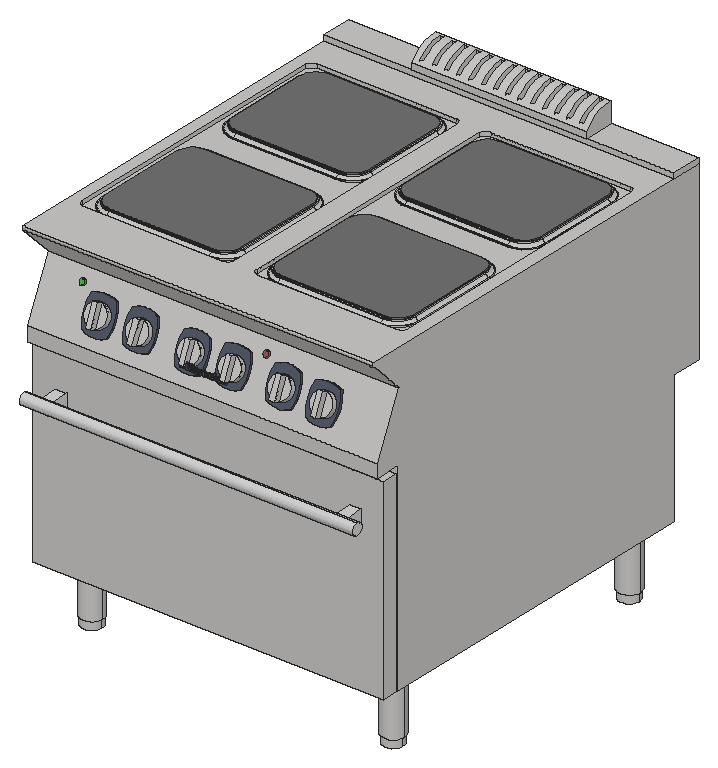
Revit family "QF_ELECTROLUXPROFESSIONAL_391041_E9ECEH4QE0", category Specialty Equipment, Revit 2018
Family settings
  Round Connector Dimension = Use Diameter
  Part Type = Normal
  Work Plane-Based = No
  Always vertical = Yes
  Cut with Voids When Loaded = No
  Shared = No
  Room Calculation Point = No
Parameters
  Width = 800 mm  # constant formula
  Weight in Pounds = 145  # constant formula
  Watts = 22000 VA  # 22000 W
  Volts = 400 V  # constant formula
  URL Cutsheet = "www.electrolux.com/foodservice"
  URL = "www.electrolux.com/foodservice"
  Type Mark [instance] = ""
  Status [instance] = ""
  Specification by User [instance] = ""
  Specification by Manufacturer = ""
  Show Logo [instance] = yes
  Show Clearance [instance] = yes
  Serial Number = ""
  Seismic Rating = ""
  SMACNA No = ""
  Revision Code [instance] = ""
  Phase = 3  # constant formula
  Omniclass Number and Title = ""
  Number of Poles [instance] = 1
  NAFEM Spec ID Number = ""
  Model = "391041"
  Min Ckt Ampacity = 0 A
  Max Overcurrent Protection = 0 A
  Masterspec = ""
  Manufacturer = "ELECTROLUX"
  Item Number [instance] = ""
  Installed By [instance] = ""
  Identify Quantity as Lot [instance] = yes
  Height = 909 mm  # constant formula
  HP = "29.5 HP"
  Furnished By [instance] = ""
  Foodservice Equipment Identifier [instance] = yes
  FL Amps = if(Phase = 3, Watts / (Volts * 1.73), Watts / Volts)  # 31.7919 A
  Electrical Remarks [instance] = "400 V/3N ph/50/60 Hz"  # constant formula
  Electric Connection Type [instance] = ""
  Elec Conn RI Height [instance] = 967 mm
  Elec Conn Connection Height [instance] = 0 mm
  Direct Waste Size = 0"
  Description = "900XP 4 ELECTRIC HOT PLATE 4kW ON ELECTRIC OVEN 400V"
  Depth = 930 mm  # constant formula
  Cycle = if([60 Hertz Option], 60 Hz, 50 Hz)  # 60 Hz
  Conn Plug = ""
  Conn Conduit = yes
  CSI MasterFormat = ""
  CSI Master Format = ""
  Base Height [instance] = 150 mm  # constant formula
  Apparent Power = if(Phase = 3, Volts * FL Amps * 1.73, Volts * FL Amps)  # 22000 VA
  60 Hertz Option = not([50 Hertz Option])  # yes
  50 Hertz Option = no
Reference planes
  plane 1 "BACK": y = 0
  plane 2: z = 0
  plane 3 "LEFT": x = 0
  plane 4 "RIGHT": x = 800
  plane 5 "FRONT": y = -930
  plane 6 "TOP": z = 851
  plane 7 "Center Y": x = 400
  plane 8 "Center X": y = -465
  plane 9 "BASE": z = 150
  plane 10: y = -802
  plane 11: y = -915
  plane 12: y = -128
  plane 13: y = -609
  plane 14: y = -583
  plane 15: x = 56
  plane 16: x = 744
  plane 17: z = 909
  plane 18: y = -1309
Forms (mm)
  Extrusion 1, solid, material "QF_Finishes_Stainless Steel"
    sketch origin (0, 0, 0) x (0, 1, 0) y (0, 0, 1)
      loop
        line (0, 851) -> (-928.041, 851)
        arc (-928.041, 851) -> (-929.999, 846.526) -> (-928.201, 841.985) r 6.35
        line (-928.201, 841.985) -> (-856.039, 767.809) -> (-915, 639.041) -> (-915, 606.789) -> (-859.023, 612.7) -> (-859.023, 150) -> (-71, 150) -> (-71, 450) -> (0, 450) -> (0, 851)
    from 0 to 800
  Extrusion 2, void
    sketch origin (0, -198.623, 849.237) x (-1, 0, 0) y (0, -1, 0)
      loop
        arc (-42.5, -55.089) -> (-31.893, -50.696) -> (-27.5, -40.089) r 15
        line (-27.5, -40.089) -> (-27.5, 595.262)
        arc (-27.5, 595.262) -> (-31.893, 605.868) -> (-42.5, 610.262) r 15
        line (-42.5, 610.262) -> (-359.751, 610.262)
        arc (-359.751, 610.262) -> (-370.358, 605.868) -> (-374.751, 595.262) r 15
        line (-374.751, 595.262) -> (-374.751, -40.089)
        arc (-374.751, -40.089) -> (-370.358, -50.696) -> (-359.751, -55.089) r 15
        line (-359.751, -55.089) -> (-42.5, -55.089)
      loop
        line (-757.5, -55.089) -> (-440.249, -55.089)
        arc (-440.249, -55.089) -> (-429.642, -50.696) -> (-425.249, -40.089) r 15
        line (-425.249, -40.089) -> (-425.249, 595.262)
        arc (-425.249, 595.262) -> (-429.642, 605.868) -> (-440.249, 610.262) r 15
        line (-440.249, 610.262) -> (-757.5, 610.262)
        arc (-757.5, 610.262) -> (-768.107, 605.868) -> (-772.5, 595.262) r 15
        line (-772.5, 595.262) -> (-772.5, -40.089)
        arc (-772.5, -40.089) -> (-768.107, -50.696) -> (-757.5, -55.089) r 15
    from 1.763 to -6.35
  Extrusion 3, solid, material "QF_Clearances", visible <- "Show Clearance", detail levels coarse
    sketch origin (0, -198.623, 634) x (1, 0, 0) y (0, 1, 0)
      loop
        line (0, -731.377) -> (0, 198.623) -> (800, 198.623) -> (800, -731.377) -> (900.019, -731.377) -> (900.019, 298.642) -> (-100.019, 298.642) -> (-100.019, -731.377) -> (0, -731.377)
    from -634 to 275
  Extrusion 4, solid, material "QF_Finishes_Stainless Steel"
    sketch origin (0, -198.623, 842.887) x (-1, 0, 0) y (0, -1, 0)
      loop
        arc (-86.725, 312.377) -> (-58.441, 324.092) -> (-46.725, 352.377) r 40
        line (-46.725, 352.377) -> (-46.725, 553.377)
        arc (-46.725, 553.377) -> (-58.441, 581.661) -> (-86.725, 593.377) r 40
        line (-86.725, 593.377) -> (-321.725, 593.377)
        arc (-321.725, 593.377) -> (-350.009, 581.661) -> (-361.725, 553.377) r 40
        line (-361.725, 553.377) -> (-361.725, 352.377)
        arc (-361.725, 352.377) -> (-350.009, 324.092) -> (-321.725, 312.377) r 40
        line (-321.725, 312.377) -> (-86.725, 312.377)
      loop
        line (-86.725, 230.796) -> (-321.725, 230.796)
        arc (-321.725, 230.796) -> (-350.009, 219.08) -> (-361.725, 190.796) r 40
        line (-361.725, 190.796) -> (-361.725, 1.796)
        arc (-361.725, 1.796) -> (-350.009, -26.488) -> (-321.725, -38.204) r 40
        line (-321.725, -38.204) -> (-86.725, -38.204)
        arc (-86.725, -38.204) -> (-58.441, -26.488) -> (-46.725, 1.796) r 40
        line (-46.725, 1.796) -> (-46.725, 190.796)
        arc (-46.725, 190.796) -> (-58.441, 219.08) -> (-86.725, 230.796) r 40
      loop
        line (-713.275, 312.377) -> (-478.275, 312.377)
        arc (-478.275, 312.377) -> (-449.991, 324.092) -> (-438.275, 352.377) r 40
        line (-438.275, 352.377) -> (-438.275, 553.377)
        arc (-438.275, 553.377) -> (-449.991, 581.661) -> (-478.275, 593.377) r 40
        line (-478.275, 593.377) -> (-713.275, 593.377)
        arc (-713.275, 593.377) -> (-741.559, 581.661) -> (-753.275, 553.377) r 40
        line (-753.275, 553.377) -> (-753.275, 352.377)
        arc (-753.275, 352.377) -> (-741.559, 324.092) -> (-713.275, 312.377) r 40
      loop
        arc (-713.275, 230.796) -> (-741.559, 219.08) -> (-753.275, 190.796) r 40
        line (-753.275, 190.796) -> (-753.275, 1.796)
        arc (-753.275, 1.796) -> (-741.559, -26.488) -> (-713.275, -38.204) r 40
        line (-713.275, -38.204) -> (-478.275, -38.204)
        arc (-478.275, -38.204) -> (-449.991, -26.488) -> (-438.275, 1.796) r 40
        line (-438.275, 1.796) -> (-438.275, 190.796)
        arc (-438.275, 190.796) -> (-449.991, 219.08) -> (-478.275, 230.796) r 40
        line (-478.275, 230.796) -> (-713.275, 230.796)
    from 0 to 10
  Sweep 5, solid, material "QF_Finishes_Stainless Steel"
    path origin (0, -198.623, 852.887) x (-1, 0, 0) y (0, -1, 0)
      loop
        line (-46.725, 352.377) -> (-46.725, 553.377)
        arc (-46.725, 553.377) -> (-58.441, 581.661) -> (-86.725, 593.377) r 40
        line (-86.725, 593.377) -> (-321.725, 593.377)
        arc (-321.725, 593.377) -> (-350.009, 581.661) -> (-361.725, 553.377) r 40
        line (-361.725, 553.377) -> (-361.725, 352.377)
        arc (-361.725, 352.377) -> (-350.009, 324.092) -> (-321.725, 312.377) r 40
        line (-321.725, 312.377) -> (-86.725, 312.377)
        arc (-86.725, 312.377) -> (-58.441, 324.092) -> (-46.725, 352.377) r 40
    profile origin (46.725, -651.5, 852.887) x (1, 0, 0) y (0, 0, 1)
      loop
        arc (0, -1.759) -> (-2.638, -5.472) -> (-6.35, -8.109) r 13.651
        line (-6.35, -8.109) -> (-8.064, -8.109) -> (-8.064, -10) -> (0, -10) -> (0, -1.759)
  Sweep 6, solid, material "QF_Finishes_Stainless Steel"
    path origin (0, 151.957, 852.887) x (-1, 0, 0) y (0, -1, 0)
      loop
        line (-46.725, 352.377) -> (-46.725, 541.377)
        arc (-46.725, 541.377) -> (-58.441, 569.661) -> (-86.725, 581.377) r 40
        line (-86.725, 581.377) -> (-321.725, 581.377)
        arc (-321.725, 581.377) -> (-350.009, 569.661) -> (-361.725, 541.377) r 40
        line (-361.725, 541.377) -> (-361.725, 352.377)
        arc (-361.725, 352.377) -> (-350.009, 324.092) -> (-321.725, 312.377) r 40
        line (-321.725, 312.377) -> (-86.725, 312.377)
        arc (-86.725, 312.377) -> (-58.441, 324.092) -> (-46.725, 352.377) r 40
    profile origin (46.725, -294.919, 852.887) x (1, 0, 0) y (0, 0, 1)
      loop
        arc (0, -1.759) -> (-2.638, -5.472) -> (-6.35, -8.109) r 13.651
        line (-6.35, -8.109) -> (-8.064, -8.109) -> (-8.064, -10) -> (0, -10) -> (0, -1.759)
  Extrusion 7, solid, material "QF_Finishes_Rubber Black"
    sketch origin (0, -198.623, 852.887) x (-1, 0, 0) y (0, -1, 0)
      loop
        arc (-49.725, 190.796) -> (-60.562, 216.959) -> (-86.725, 227.796) r 37
        line (-86.725, 227.796) -> (-321.725, 227.796)
        arc (-321.725, 227.796) -> (-347.888, 216.959) -> (-358.725, 190.796) r 37
        line (-358.725, 190.796) -> (-358.725, 1.796)
        arc (-358.725, 1.796) -> (-347.888, -24.367) -> (-321.725, -35.204) r 37
        line (-321.725, -35.204) -> (-86.725, -35.204)
        arc (-86.725, -35.204) -> (-60.562, -24.367) -> (-49.725, 1.796) r 37
        line (-49.725, 1.796) -> (-49.725, 190.796)
      loop
        arc (-86.725, 315.377) -> (-60.562, 326.214) -> (-49.725, 352.377) r 37
        line (-49.725, 352.377) -> (-49.725, 553.377)
        arc (-49.725, 553.377) -> (-60.562, 579.54) -> (-86.725, 590.377) r 37
        line (-86.725, 590.377) -> (-321.725, 590.377)
        arc (-321.725, 590.377) -> (-347.888, 579.54) -> (-358.725, 553.377) r 37
        line (-358.725, 553.377) -> (-358.725, 352.377)
        arc (-358.725, 352.377) -> (-347.888, 326.214) -> (-321.725, 315.377) r 37
        line (-321.725, 315.377) -> (-86.725, 315.377)
      loop
        line (-750.275, 190.796) -> (-750.275, 1.796)
        arc (-750.275, 1.796) -> (-739.438, -24.367) -> (-713.275, -35.204) r 37
        line (-713.275, -35.204) -> (-478.275, -35.204)
        arc (-478.275, -35.204) -> (-452.112, -24.367) -> (-441.275, 1.796) r 37
        line (-441.275, 1.796) -> (-441.275, 190.796)
        arc (-441.275, 190.796) -> (-452.112, 216.959) -> (-478.275, 227.796) r 37
        line (-478.275, 227.796) -> (-713.275, 227.796)
        arc (-713.275, 227.796) -> (-739.438, 216.959) -> (-750.275, 190.796) r 37
      loop
        line (-713.275, 315.377) -> (-478.275, 315.377)
        arc (-478.275, 315.377) -> (-452.112, 326.214) -> (-441.275, 352.377) r 37
        line (-441.275, 352.377) -> (-441.275, 553.377)
        arc (-441.275, 553.377) -> (-452.112, 579.54) -> (-478.275, 590.377) r 37
        line (-478.275, 590.377) -> (-713.275, 590.377)
        arc (-713.275, 590.377) -> (-739.438, 579.54) -> (-750.275, 553.377) r 37
        line (-750.275, 553.377) -> (-750.275, 352.377)
        arc (-750.275, 352.377) -> (-739.438, 326.214) -> (-713.275, 315.377) r 37
    from 0 to 2
  Extrusion 8, solid, material "QF_Finishes_Green"
    sketch origin (8.75, -915, 639.041) x (0, 0.416318, 0.909219) y (-1, 0, 0)
      loop
        circle (111.946, -80.648) r 6.35
    from 0 to 3.175
  Extrusion 9, solid, material "QF_Finishes_Stainless Steel"
    sketch origin (-24.783, -926.544, 650) x (0, 0.421077, 0.907025) y (-1, 0, 0)
      loop
        line (85.433, -162.517) -> (35.969, -162.517)
        arc (35.969, -162.517) -> (35.301, -168.303) -> (35.969, -174.089) r 25.4
        line (35.969, -174.089) -> (85.433, -174.089)
        arc (85.433, -174.089) -> (86.101, -168.303) -> (85.433, -162.517) r 25.4
      loop
        line (85.433, -257.517) -> (35.969, -257.517)
        arc (35.969, -257.517) -> (35.301, -263.303) -> (35.969, -269.089) r 25.4
        line (35.969, -269.089) -> (85.433, -269.089)
        arc (85.433, -269.089) -> (86.101, -263.303) -> (85.433, -257.517) r 25.4
      loop
        line (85.433, -375.017) -> (35.969, -375.017)
        arc (35.969, -375.017) -> (35.301, -380.803) -> (35.969, -386.589) r 25.4
        line (35.969, -386.589) -> (85.433, -386.589)
        arc (85.433, -386.589) -> (86.101, -380.803) -> (85.433, -375.017) r 25.4
      loop
        line (85.433, -468.767) -> (35.969, -468.767)
        arc (35.969, -468.767) -> (35.301, -474.553) -> (35.969, -480.339) r 25.4
        line (35.969, -480.339) -> (85.433, -480.339)
        arc (85.433, -480.339) -> (86.101, -474.553) -> (85.433, -468.767) r 25.4
      loop
        line (85.433, -582.517) -> (35.969, -582.517)
        arc (35.969, -582.517) -> (35.301, -588.303) -> (35.969, -594.089) r 25.4
        line (35.969, -594.089) -> (85.433, -594.089)
        arc (85.433, -594.089) -> (86.101, -588.303) -> (85.433, -582.517) r 25.4
      loop
        line (85.433, -677.517) -> (35.969, -677.517)
        arc (35.969, -677.517) -> (35.301, -683.303) -> (35.969, -689.089) r 25.4
        line (35.969, -689.089) -> (85.433, -689.089)
        arc (85.433, -689.089) -> (86.101, -683.303) -> (85.433, -677.517) r 25.4
    from 0 to 12.7
  Extrusion 10, solid, material "QF_Finishes_Stainless Steel"
    sketch origin (417.5, -915.025, 642.777) x (0, 0.421077, 0.907025) y (-1, 0, 0)
      loop
        circle (62.576, 274.037) r 25.4
      loop
        circle (62.576, 179.037) r 25.4
      loop
        circle (62.576, 61.537) r 25.4
      loop
        circle (62.576, -32.213) r 25.4
      loop
        circle (62.576, -145.963) r 25.4
      loop
        circle (62.576, -240.963) r 25.4
    from 0 to 12.7
  Extrusion 11, solid, material "QF_Finishes_Stainless Steel"
    sketch origin (0, -117, 150) x (-1, 0, 0) y (0, 1, 0)
      loop
        circle (-753, -596) r 12.7
    from 0 to 12.7
  Extrusion 12, solid, material "QF_Finishes_Stainless Steel"
    sketch origin (0, -117, 150) x (-1, 0, 0) y (0, 1, 0)
      loop
        circle (-757, -459) r 12.7
    from 0 to 12.7
  Extrusion 13, solid, material "QF_Finishes_Navy Blue - Electrolux"
    sketch origin (0, -915, 639.041) x (0, 0.416318, 0.909219) y (-1, 0, 0)
      loop
        arc (103.364, -265.26) -> (110.078, -236.685) -> (103.364, -208.11) r 64.16
        arc (103.364, -208.11) -> (68.487, -201.089) -> (33.619, -208.154) r 89.853
        arc (33.619, -208.154) -> (26.924, -236.685) -> (33.619, -265.215) r 64.14
        arc (33.619, -265.215) -> (68.487, -272.277) -> (103.364, -265.26) r 89.894
      loop
        arc (100.864, -172.403) -> (107.578, -143.828) -> (100.864, -115.253) r 64.16
        arc (100.864, -115.253) -> (65.987, -108.232) -> (31.119, -115.297) r 89.853
        arc (31.119, -115.297) -> (24.424, -143.828) -> (31.119, -172.359) r 64.14
        arc (31.119, -172.359) -> (65.987, -179.42) -> (100.864, -172.403) r 89.894
      loop
        arc (103.364, -534.74) -> (68.487, -527.723) -> (33.619, -534.785) r 89.894
        arc (33.619, -534.785) -> (26.924, -563.315) -> (33.619, -591.846) r 64.14
        arc (33.619, -591.846) -> (68.487, -598.911) -> (103.364, -591.89) r 89.853
        arc (103.364, -591.89) -> (110.078, -563.315) -> (103.364, -534.74) r 64.16
      loop
        arc (100.864, -627.597) -> (65.987, -620.58) -> (31.119, -627.641) r 89.894
        arc (31.119, -627.641) -> (24.424, -656.172) -> (31.119, -684.703) r 64.14
        arc (31.119, -684.703) -> (65.987, -691.768) -> (100.864, -684.747) r 89.853
        arc (100.864, -684.747) -> (107.578, -656.172) -> (100.864, -627.597) r 64.16
      loop
        arc (103.364, -477.479) -> (110.078, -448.904) -> (103.364, -420.329) r 64.16
        arc (103.364, -420.329) -> (68.487, -413.308) -> (33.619, -420.374) r 89.853
        arc (33.619, -420.374) -> (26.924, -448.904) -> (33.619, -477.435) r 64.14
        arc (33.619, -477.435) -> (68.487, -484.496) -> (103.364, -477.479) r 89.894
      loop
        arc (100.864, -384.622) -> (107.578, -356.047) -> (100.864, -327.472) r 64.16
        arc (100.864, -327.472) -> (65.987, -320.452) -> (31.119, -327.517) r 89.853
        arc (31.119, -327.517) -> (24.424, -356.047) -> (31.119, -384.578) r 64.14
        arc (31.119, -384.578) -> (65.987, -391.64) -> (100.864, -384.622) r 89.894
    from 0 to 4
  Extrusion 14, void
    sketch origin (200, 0, 849.237) x (-1, 0, 0) y (0, -1, 0)
      loop
        line (-13.453, 6.761) -> (-13.453, 61.923) -> (-22.749, 61.923) -> (-22.749, 6.761) -> (-13.453, 6.761)
    from 25.4 to 63.5
  Extrusion 15, void
    sketch origin (600.05, 0, 849.237) x (1, 0, 0) y (0, 1, 0)
      loop
        line (-13.503, -6.761) -> (-22.799, -6.761) -> (-22.799, -61.923) -> (-13.503, -61.923) -> (-13.503, -6.761)
    from 25.4 to 63.5
  Extrusion 16, void
    sketch origin (227.988, 0, 849.237) x (-1, 0, 0) y (0, -1, 0)
      loop
        line (-13.453, 6.761) -> (-13.453, 61.923) -> (-22.749, 61.923) -> (-22.749, 6.761) -> (-13.453, 6.761)
    from 25.4 to 63.5
  Extrusion 17, void
    sketch origin (255.977, 0, 849.237) x (-1, 0, 0) y (0, -1, 0)
      loop
        line (-13.453, 6.761) -> (-13.453, 61.923) -> (-22.749, 61.923) -> (-22.749, 6.761) -> (-13.453, 6.761)
    from 25.4 to 63.5
  Extrusion 18, void
    sketch origin (283.965, 0, 849.237) x (-1, 0, 0) y (0, -1, 0)
      loop
        line (-13.428, 6.761) -> (-13.428, 61.923) -> (-22.724, 61.923) -> (-22.724, 6.761) -> (-13.428, 6.761)
    from 25.4 to 63.5
  Extrusion 19, void
    sketch origin (311.953, 0, 849.237) x (-1, 0, 0) y (0, -1, 0)
      loop
        line (-13.428, 6.761) -> (-13.428, 61.923) -> (-22.724, 61.923) -> (-22.724, 6.761) -> (-13.428, 6.761)
    from 25.4 to 63.5
  Extrusion 20, void
    sketch origin (339.942, 0, 849.237) x (-1, 0, 0) y (0, -1, 0)
      loop
        line (-13.428, 6.761) -> (-13.428, 61.923) -> (-22.724, 61.923) -> (-22.724, 6.761) -> (-13.428, 6.761)
    from 25.4 to 63.5
  Extrusion 21, void
    sketch origin (367.93, 0, 849.237) x (-1, 0, 0) y (0, -1, 0)
      loop
        line (-13.428, 6.761) -> (-13.428, 61.923) -> (-22.724, 61.923) -> (-22.724, 6.761) -> (-13.428, 6.761)
    from 25.4 to 63.5
  Extrusion 22, void
    sketch origin (395.918, 0, 849.237) x (-1, 0, 0) y (0, -1, 0)
      loop
        line (-13.428, 6.761) -> (-13.428, 61.923) -> (-22.724, 61.923) -> (-22.724, 6.761) -> (-13.428, 6.761)
    from 25.4 to 63.5
  Extrusion 23, void
    sketch origin (423.907, 0, 849.237) x (-1, 0, 0) y (0, -1, 0)
      loop
        line (-13.428, 6.761) -> (-13.428, 61.923) -> (-22.724, 61.923) -> (-22.724, 6.761) -> (-13.428, 6.761)
    from 25.4 to 63.5
  Extrusion 24, void
    sketch origin (451.895, 0, 849.237) x (-1, 0, 0) y (0, -1, 0)
      loop
        line (-13.428, 6.761) -> (-13.428, 61.923) -> (-22.724, 61.923) -> (-22.724, 6.761) -> (-13.428, 6.761)
    from 25.4 to 63.5
  Extrusion 25, void
    sketch origin (479.884, 0, 849.237) x (-1, 0, 0) y (0, -1, 0)
      loop
        line (-13.403, 6.761) -> (-13.403, 61.923) -> (-22.699, 61.923) -> (-22.699, 6.761) -> (-13.403, 6.761)
    from 25.4 to 63.5
  Extrusion 26, void
    sketch origin (507.872, 0, 849.237) x (-1, 0, 0) y (0, -1, 0)
      loop
        line (-13.403, 6.761) -> (-13.403, 61.923) -> (-22.699, 61.923) -> (-22.699, 6.761) -> (-13.403, 6.761)
    from 25.4 to 63.5
  Extrusion 27, void
    sketch origin (535.86, 0, 849.237) x (-1, 0, 0) y (0, -1, 0)
      loop
        line (-13.403, 6.761) -> (-13.403, 61.923) -> (-22.699, 61.923) -> (-22.699, 6.761) -> (-13.403, 6.761)
    from 25.4 to 63.5
  Sweep 28, solid, material "QF_Finishes_Stainless Steel"
    path origin (800, -198.623, 852.887) x (1, 0, 0) y (0, 1, 0)
      loop
        arc (-46.725, -352.377) -> (-58.441, -324.092) -> (-86.725, -312.377) r 40
        line (-86.725, -312.377) -> (-321.725, -312.377)
        arc (-321.725, -312.377) -> (-350.009, -324.092) -> (-361.725, -352.377) r 40
        line (-361.725, -352.377) -> (-361.725, -553.377)
        arc (-361.725, -553.377) -> (-350.009, -581.661) -> (-321.725, -593.377) r 40
        line (-321.725, -593.377) -> (-86.725, -593.377)
        arc (-86.725, -593.377) -> (-58.441, -581.661) -> (-46.725, -553.377) r 40
        line (-46.725, -553.377) -> (-46.725, -352.377)
    profile origin (753.275, -651.5, 852.887) x (1, 0, 0) y (0, 0, 1)
      loop
        line (0, -1.759) -> (0, -10) -> (8.064, -10) -> (8.064, -8.109) -> (6.35, -8.109)
        arc (6.35, -8.109) -> (2.638, -5.472) -> (0, -1.759) r 13.651
  Sweep 29, solid, material "QF_Finishes_Stainless Steel"
    path origin (800, 151.957, 852.887) x (1, 0, 0) y (0, 1, 0)
      loop
        arc (-46.725, -352.377) -> (-58.441, -324.092) -> (-86.725, -312.377) r 40
        line (-86.725, -312.377) -> (-321.725, -312.377)
        arc (-321.725, -312.377) -> (-350.009, -324.092) -> (-361.725, -352.377) r 40
        line (-361.725, -352.377) -> (-361.725, -541.377)
        arc (-361.725, -541.377) -> (-350.009, -569.661) -> (-321.725, -581.377) r 40
        line (-321.725, -581.377) -> (-86.725, -581.377)
        arc (-86.725, -581.377) -> (-58.441, -569.661) -> (-46.725, -541.377) r 40
        line (-46.725, -541.377) -> (-46.725, -352.377)
    profile origin (753.275, -294.919, 852.887) x (1, 0, 0) y (0, 0, 1)
      loop
        line (0, -1.759) -> (0, -10) -> (8.064, -10) -> (8.064, -8.109) -> (6.35, -8.109)
        arc (6.35, -8.109) -> (2.638, -5.472) -> (0, -1.759) r 13.651
  Extrusion 30, solid, material "QF_Finishes_Stainless Steel"
    sketch origin (0, -859.023, 150) x (0, 0, 1) y (-1, 0, 0)
      loop
        line (0, 0) -> (0, -800) -> (445.711, -800) -> (445.711, 0) -> (0, 0)
    from 5 to 41
  Revolve 31, solid, material "QF_Finishes_Stainless Steel"
    sketch origin (689, -802, 0) x (1, 0, 0) y (0, 0, 1)
      loop
        line (55, 0) -> (55, 150) -> (29.6, 150) -> (29.6, 19.05) -> (32.1, 19.05) -> (32.1, 0) -> (55, 0)
      axis (55, 0) -> (55, 150)
    angle from 0 to 360
  Revolve 32, solid, material "QF_Finishes_Stainless Steel"
    sketch origin (1, -802, 0) x (1, 0, 0) y (0, 0, 1)
      loop
        line (55, 0) -> (55, 150) -> (29.6, 150) -> (29.6, 19.05) -> (32.1, 19.05) -> (32.1, 0) -> (55, 0)
      axis (55, 0) -> (55, 150)
    angle from 0 to 360
  Revolve 33, solid, material "QF_Finishes_Stainless Steel"
    sketch origin (689, -128, 0) x (1, 0, 0) y (0, 0, 1)
      loop
        line (55, 0) -> (55, 150) -> (29.6, 150) -> (29.6, 19.05) -> (32.1, 19.05) -> (32.1, 0) -> (55, 0)
      axis (55, 0) -> (55, 150)
    angle from 0 to 360
  Revolve 34, solid, material "QF_Finishes_Stainless Steel"
    sketch origin (1, -128, 0) x (1, 0, 0) y (0, 0, 1)
      loop
        line (55, 0) -> (55, 150) -> (29.6, 150) -> (29.6, 19.05) -> (32.1, 19.05) -> (32.1, 0) -> (55, 0)
      axis (55, 0) -> (55, 150)
    angle from 0 to 360
  Extrusion 35, solid, material "QF_Finishes_Stainless Steel"
    sketch origin (200, 0, 634) x (0, 1, 0) y (0, 0, 1)
      loop
        line (0, 228.923) -> (0, 275.762)
        arc (0, 275.762) -> (-38.885, 267.372) -> (-69.85, 242.4) r 86.116
        line (-69.85, 242.4) -> (-69.85, 228.923) -> (0, 228.923)
    from 0 to 400
  Extrusion 36, solid, material "QF_Door-Drawer Clearances", visible <- "Show Clearance", detail levels coarse
    sketch origin (0, -859.023, 595.711) x (0, 0, -1) y (0, -1, 0)
      loop
        line (0, 41) -> (445.711, 41) -> (445.711, 392.895)
        arc (445.711, 392.895) -> (157.765, 299.391) -> (0, 41) r 436.284
    from 0 to -800
  Extrusion 37, solid, material "QF_Finishes_Handrails and Railings"
    sketch origin (800, -852.093, 150) x (0, 0, 1) y (0, -1, 0)
      loop
        line (371.951, 47.778) -> (369.246, 86.456)
        arc (369.246, 86.456) -> (355.439, 87.649) -> (350.943, 100.759) r 12.7
        arc (350.943, 100.759) -> (350.126, 100.218) -> (349.351, 99.619) r 13.441
        arc (349.351, 99.619) -> (347.905, 97.814) -> (347.285, 95.586) r 5.77
        line (347.285, 95.586) -> (343.942, 47.778) -> (371.951, 47.778)
    from -76.2 to -50.8
  Extrusion 38, solid, material "QF_Finishes_Handrails and Railings"
    sketch origin (0, -852.093, 602.071) x (0, 0, -1) y (0, -1, 0)
      loop
        circle (88.812, 97.656) r 12.7
    from -19.875 to -780.125
  Extrusion 39, solid, material "QF_Finishes_Handrails and Railings"
    sketch origin (0, -852.093, 150) x (0, 0, 1) y (0, 1, 0)
      loop
        line (371.951, -47.778) -> (343.942, -47.778) -> (347.285, -95.586)
        arc (347.285, -95.586) -> (347.905, -97.814) -> (349.351, -99.619) r 5.77
        arc (349.351, -99.619) -> (350.126, -100.218) -> (350.943, -100.759) r 13.441
        arc (350.943, -100.759) -> (355.439, -87.649) -> (369.246, -86.456) r 12.7
        line (369.246, -86.456) -> (371.951, -47.778)
    from -76.2 to -50.8
  Extrusion 40, solid, material "QF_Finishes_Stainless Steel"
    sketch origin (800, 0, 0) x (0, 1, 0) y (0, 0, 1)
      loop
        line (-69.85, 851) -> (0, 851) -> (0, 862.923) -> (-69.85, 862.923) -> (-69.85, 851)
    from 0 to -800
  Extrusion 41, solid, material "QF_Finishes_Red"
    sketch origin (428.75, -915, 639.041) x (0, 0.416318, 0.909219) y (-1, 0, 0)
      loop
        circle (111.946, -80.648) r 6.35
    from 0 to 3.175
  Extrusion 42, solid, material "QF_Finishes_Navy Blue", visible <- "Show Logo"
    sketch origin (0, -915, 665.09) x (0, 0, 1) y (-1, 0, 0)
      loop
        line (27.074, -357.34) -> (14.707, -357.34)
        arc (14.707, -357.34) -> (20.891, -361.912) -> (27.074, -357.34) r 6.467
      loop
        arc (27.074, -356.711) -> (25.905, -351.568) -> (21.249, -349.09) r 6.338
        line (21.249, -349.09) -> (21.249, -351.136)
        arc (21.249, -351.136) -> (22.733, -354.791) -> (26.178, -356.711) r 5.941
        line (26.178, -356.711) -> (27.074, -356.711)
      loop
        arc (15.603, -356.711) -> (19.048, -354.791) -> (20.532, -351.136) r 5.941
        line (20.532, -351.136) -> (20.532, -349.09)
        arc (20.532, -349.09) -> (15.838, -351.564) -> (14.548, -356.711) r 6.504
        line (14.548, -356.711) -> (15.603, -356.711)
      loop
        line (27.749, -348.621) -> (14.004, -348.621) -> (14.004, -362.384) -> (27.749, -362.384) -> (27.749, -348.621)
      loop
        arc (27.832, -365.352) -> (27.485, -364.994) -> (27.118, -365.332) r 0.358
        arc (27.118, -365.332) -> (26.804, -366.082) -> (26.087, -366.467) r 1.216
        line (26.087, -366.467) -> (15.674, -366.467)
        arc (15.674, -366.467) -> (15.014, -366.19) -> (14.618, -365.593) r 1.238
        arc (14.618, -365.593) -> (14.223, -365.342) -> (13.918, -365.696) r 0.358
        line (13.918, -365.696) -> (13.918, -375.575) -> (16.669, -375.575) -> (16.669, -374.678)
        arc (16.669, -374.678) -> (15.76, -374.098) -> (15.304, -373.121) r 1.928
        line (15.304, -373.121) -> (15.304, -370.622)
        arc (15.304, -370.622) -> (15.58, -369.893) -> (16.268, -369.529) r 1.101
        line (16.268, -369.529) -> (20.355, -369.529) -> (20.355, -373.203)
        arc (20.355, -373.203) -> (20.002, -373.7) -> (19.437, -373.928) r 1.083
        arc (19.437, -373.928) -> (19.173, -374.233) -> (19.465, -374.511) r 0.292
        line (19.465, -374.511) -> (22.428, -374.511)
        arc (22.428, -374.511) -> (22.73, -374.238) -> (22.492, -373.908) r 0.305
        arc (22.492, -373.908) -> (22.001, -373.66) -> (21.696, -373.203) r 1.083
        line (21.696, -373.203) -> (21.696, -369.529) -> (26.373, -369.529) -> (26.373, -373.277)
        arc (26.373, -373.277) -> (26.159, -374.032) -> (25.553, -374.53) r 1.314
        arc (25.553, -374.53) -> (25.334, -374.934) -> (25.688, -375.227) r 0.361
        line (25.688, -375.227) -> (27.832, -375.227) -> (27.832, -365.352)
      loop
        arc (27.115, -376.007) -> (26.735, -376.926) -> (25.816, -377.306) r 1.299
        line (25.816, -377.306) -> (16.237, -377.306)
        arc (16.237, -377.306) -> (15.399, -376.928) -> (15.128, -376.05) r 1.118
        line (15.128, -376.05) -> (13.918, -376.05) -> (13.918, -381.4) -> (15.106, -381.4)
        arc (15.106, -381.4) -> (15.378, -380.483) -> (16.248, -380.087) r 1.153
        line (16.248, -380.087) -> (28.32, -380.087) -> (27.115, -376.007)
      loop
        line (18.883, -384.036) -> (18.883, -390.484) -> (19.682, -390.484)
        arc (19.682, -390.484) -> (22.262, -389.499) -> (23.531, -387.046) r 3.874
        line (23.531, -387.046) -> (23.531, -385.285)
        arc (23.531, -385.285) -> (22.344, -382.42) -> (19.48, -381.234) r 4.051
        line (19.48, -381.234) -> (17.472, -381.234)
        arc (17.472, -381.234) -> (14.653, -382.719) -> (13.602, -385.726) r 4.352
        arc (13.602, -385.726) -> (13.966, -388.189) -> (15.343, -390.264) r 5.713
        line (15.343, -390.264) -> (16.292, -390.264)
        arc (16.292, -390.264) -> (15.56, -388.694) -> (15.343, -386.976) r 5.579
        arc (15.343, -386.976) -> (16.137, -385.013) -> (18.016, -384.036) r 3.057
        line (18.016, -384.036) -> (18.883, -384.036)
      loop
        line (20.142, -384.036) -> (20.142, -387.619)
        arc (20.142, -387.619) -> (21.599, -387.666) -> (22.482, -386.506) r 1.59
        line (22.482, -386.506) -> (22.482, -385.676)
        arc (22.482, -385.676) -> (21.617, -384.421) -> (20.142, -384.036) r 2.184
      loop
        arc (22.933, -399.901) -> (23.422, -398.227) -> (23.579, -396.49) r 9.023
        line (23.579, -396.49) -> (23.579, -395.128)
        arc (23.579, -395.128) -> (22.42, -392.328) -> (19.62, -391.169) r 3.959
        line (19.62, -391.169) -> (17.02, -391.169)
        arc (17.02, -391.169) -> (14.738, -392.461) -> (13.621, -394.834) r 4.331
        line (13.621, -394.834) -> (13.621, -396.969)
        arc (13.621, -396.969) -> (14.129, -398.519) -> (15.051, -399.865) r 5.772
        arc (15.051, -399.865) -> (15.812, -399.916) -> (15.899, -399.157) r 0.553
        arc (15.899, -399.157) -> (15.511, -398.423) -> (15.377, -397.604) r 2.573
        line (15.377, -397.604) -> (15.377, -396.089)
        arc (15.377, -396.089) -> (16.383, -394.448) -> (18.198, -393.805) r 2.884
        line (18.198, -393.805) -> (19.477, -393.805)
        arc (19.477, -393.805) -> (21.298, -394.365) -> (22.224, -396.03) r 2.554
        line (22.224, -396.03) -> (22.224, -397.083)
        arc (22.224, -397.083) -> (21.893, -398.011) -> (21.236, -398.746) r 2.564
        arc (21.236, -398.746) -> (21.014, -399.463) -> (21.623, -399.901) r 0.643
        line (21.623, -399.901) -> (22.933, -399.901)
      loop
        line (21.915, -400.172) -> (21.915, -401.673) -> (15.867, -401.673)
        arc (15.867, -401.673) -> (14.279, -402.33) -> (13.621, -403.918) r 2.246
        line (13.621, -403.918) -> (13.621, -405.502)
        arc (13.621, -405.502) -> (13.935, -406.367) -> (14.435, -407.138) r 4.06
        arc (14.435, -407.138) -> (15.168, -407.271) -> (15.419, -406.57) r 0.576
        arc (15.419, -406.57) -> (15.313, -406.045) -> (15.377, -405.512) r 1.69
        arc (15.377, -405.512) -> (15.919, -404.724) -> (16.825, -404.421) r 1.506
        line (16.825, -404.421) -> (21.963, -404.421) -> (21.963, -406.818) -> (22.519, -407.375) -> (23.341, -407.375) -> (23.341, -404.515) -> (26.572, -404.515) -> (21.915, -400.172)
      loop
        line (13.838, -408.272) -> (13.838, -413.659) -> (14.948, -413.659)
        arc (14.948, -413.659) -> (15.342, -412.708) -> (16.293, -412.314) r 1.345
        line (16.293, -412.314) -> (19.909, -412.314)
        arc (19.909, -412.314) -> (20.674, -412.906) -> (20.964, -413.828) r 1.615
        line (20.964, -413.828) -> (20.964, -415.384) -> (23.519, -416.069) -> (23.519, -414.686) -> (21.577, -412.127) -> (23.457, -412.127) -> (23.173, -409.421)
        arc (23.173, -409.421) -> (22.733, -408.891) -> (22.074, -409.092) r 0.621
        arc (22.074, -409.092) -> (21.674, -409.434) -> (21.18, -409.617) r 1.501
        line (21.18, -409.617) -> (16.293, -409.617)
        arc (16.293, -409.617) -> (15.342, -409.223) -> (14.948, -408.272) r 1.345
        line (14.948, -408.272) -> (13.838, -408.272)
      loop
        line (19.94, -415.606) -> (17.248, -415.606)
        arc (17.248, -415.606) -> (14.803, -416.914) -> (13.669, -419.445) r 4.288
        arc (13.669, -419.445) -> (13.605, -420.825) -> (13.669, -422.205) r 15.022
        arc (13.669, -422.205) -> (14.803, -424.736) -> (17.248, -426.043) r 4.288
        line (17.248, -426.043) -> (19.94, -426.043)
        arc (19.94, -426.043) -> (22.386, -424.736) -> (23.519, -422.205) r 4.288
        arc (23.519, -422.205) -> (23.583, -420.825) -> (23.519, -419.445) r 15.022
        arc (23.519, -419.445) -> (22.386, -416.914) -> (19.94, -415.606) r 4.288
      loop
        line (20.145, -418.721) -> (17.043, -418.721)
        arc (17.043, -418.721) -> (14.886, -420.877) -> (17.043, -423.034) r 2.157
        line (17.043, -423.034) -> (20.145, -423.034)
        arc (20.145, -423.034) -> (22.302, -420.877) -> (20.145, -418.721) r 2.157
      loop
        arc (27.126, -425.902) -> (26.755, -426.796) -> (25.861, -427.166) r 1.264
        line (25.861, -427.166) -> (15.997, -427.166)
        arc (15.997, -427.166) -> (15.127, -426.769) -> (14.855, -425.853) r 1.153
        line (14.855, -425.853) -> (13.918, -425.853) -> (13.918, -430.961) -> (14.846, -430.961)
        arc (14.846, -430.961) -> (15.205, -430.189) -> (15.997, -429.874) r 1.153
        line (15.997, -429.874) -> (28.32, -429.874) -> (27.126, -425.902)
      loop
        arc (22.246, -430.499) -> (22.047, -431.563) -> (21.078, -432.045) r 1.215
        line (21.078, -432.045) -> (16.058, -432.045)
        arc (16.058, -432.045) -> (14.443, -432.693) -> (13.722, -434.276) r 2.338
        line (13.722, -434.276) -> (13.722, -435.79)
        arc (13.722, -435.79) -> (13.897, -436.794) -> (14.399, -437.68) r 2.979
        line (14.399, -437.68) -> (13.918, -439.477) -> (13.918, -441.166) -> (23.343, -441.166) -> (23.049, -436.962) -> (22.263, -436.962)
        arc (22.263, -436.962) -> (21.907, -437.798) -> (21.155, -438.307) r 1.605
        line (21.155, -438.307) -> (16.052, -438.307)
        arc (16.052, -438.307) -> (15.632, -437.37) -> (15.559, -436.346) r 2.94
        arc (15.559, -436.346) -> (16.12, -435.245) -> (17.273, -434.802) r 1.724
        line (17.273, -434.802) -> (23.47, -434.802) -> (22.246, -430.499)
      loop
        line (23.274, -442.019) -> (21.602, -444.065) -> (18.428, -446.371) -> (14.972, -443.259)
        arc (14.972, -443.259) -> (14.735, -442.865) -> (14.757, -442.406) r 0.789
        line (14.757, -442.406) -> (13.918, -442.406) -> (13.918, -445.951) -> (14.744, -445.951)
        arc (14.744, -445.951) -> (15.086, -445.589) -> (15.576, -445.681) r 0.52
        line (15.576, -445.681) -> (17.376, -447.152) -> (15.258, -448.528)
        arc (15.258, -448.528) -> (14.857, -448.218) -> (14.77, -447.718) r 0.7
        line (14.77, -447.718) -> (13.918, -447.718) -> (13.918, -453.645) -> (14.805, -453.645)
        arc (14.805, -453.645) -> (14.872, -452.986) -> (15.266, -452.455) r 1.247
        line (15.266, -452.455) -> (19.466, -449.174) -> (21.913, -451.227) -> (23.274, -452.969) -> (23.274, -449.246) -> (21.789, -449.668) -> (20.268, -448.391) -> (21.968, -447.201) -> (23.274, -447.978) -> (23.274, -442.019)
    from 0 to 1.644
Cuts and joins
  Extrusion 2 cuts Extrusion 1
  Extrusion 2 cuts Extrusion 4
  Extrusion 14, Extrusion 15, Extrusion 16, Extrusion 17, Extrusion 18, Extrusion 19, Extrusion 20, Extrusion 21, Extrusion 22, Extrusion 23, Extrusion 24, Extrusion 25, Extrusion 26, Extrusion 27 cuts Extrusion 35
Lines and regions (mm)
  symbolic lines, style "QF_Clearances", visible <- "Show Clearance", detail levels coarse
    curve 1: line (-100.019, 100.019, 401) -> (-100.019, -930, 401)
    curve 2: line (900.019, 100.019, 401) -> (-100.019, 100.019, 401)
    curve 3: line (900.019, -930, 401) -> (900.019, 100.019, 401)
  symbolic lines
    curve 4: line (400, -930, 401) -> (0, -930, 401)
    curve 5: line (27.5, -793.885, 266.888) -> (27.5, -158.534, 266.888)
    curve 6: line (42.5, -143.534, 266.888) -> (359.751, -143.534, 266.887)
    curve 7: line (374.751, -158.534, 266.887) -> (374.751, -793.885, 266.887)
    curve 8: line (359.751, -808.885, 266.887) -> (42.5, -808.885, 266.888)
    curve 9: arc (42.5, -143.534, 266.888) -> (31.893, -147.928, 266.888) -> (27.5, -158.534, 266.888) r 15
    curve 10: arc (374.751, -158.534, 266.887) -> (370.358, -147.928, 266.887) -> (359.751, -143.534, 266.887) r 15
    curve 11: arc (359.751, -808.885, 266.887) -> (370.358, -804.492, 266.887) -> (374.751, -793.885, 266.887) r 15
    curve 12: arc (27.5, -793.885, 266.888) -> (31.893, -804.492, 266.888) -> (42.5, -808.885, 266.888) r 15
    curve 13: arc (86.725, -163.419, 266.888) -> (60.562, -174.256, 266.888) -> (49.725, -200.419, 266.888) r 37
    curve 14: line (49.725, -200.419, 266.888) -> (49.725, -389.419, 266.888)
    curve 15: arc (49.725, -389.419, 266.888) -> (60.562, -415.582, 266.888) -> (86.725, -426.419, 266.888) r 37
    curve 16: line (86.725, -426.419, 266.888) -> (321.725, -426.419, 266.887)
    curve 17: arc (321.725, -426.419, 266.887) -> (347.888, -415.582, 266.887) -> (358.725, -389.419, 266.887) r 37
    curve 18: line (358.725, -389.419, 266.887) -> (358.725, -200.419, 266.887)
    curve 19: arc (358.725, -200.419, 266.887) -> (347.888, -174.256, 266.887) -> (321.725, -163.419, 266.887) r 37
    curve 20: line (321.725, -163.419, 266.887) -> (86.725, -163.419, 266.888)
    curve 21: arc (86.725, -160.419, 266.888) -> (58.441, -172.135, 266.888) -> (46.725, -200.419, 266.888) r 40
    curve 22: line (46.725, -200.419, 266.888) -> (46.725, -389.419, 266.888)
    curve 23: arc (46.725, -389.419, 266.888) -> (58.441, -417.704, 266.888) -> (86.725, -429.419, 266.888) r 40
    curve 24: line (86.725, -429.419, 266.888) -> (321.725, -429.419, 266.887)
    curve 25: arc (321.725, -429.419, 266.887) -> (350.009, -417.704, 266.887) -> (361.725, -389.419, 266.887) r 40
    curve 26: line (361.725, -389.419, 266.887) -> (361.725, -200.419, 266.887)
    curve 27: arc (361.725, -200.419, 266.887) -> (350.009, -172.135, 266.887) -> (321.725, -160.419, 266.887) r 40
    curve 28: line (321.725, -160.419, 266.887) -> (86.725, -160.419, 266.888)
    curve 29: arc (40.375, -200.419, 266.888) -> (53.951, -167.645, 266.888) -> (86.725, -154.069, 266.888) r 46.35
    curve 30: line (86.725, -154.069, 266.888) -> (321.725, -154.069, 266.887)
    curve 31: arc (321.725, -154.069, 266.887) -> (354.499, -167.645, 266.887) -> (368.075, -200.419, 266.887) r 46.35
    curve 32: line (368.075, -200.419, 266.887) -> (368.075, -389.419, 266.887)
    curve 33: arc (368.075, -389.419, 266.887) -> (354.499, -422.194, 266.887) -> (321.725, -435.769, 266.887) r 46.35
    curve 34: line (321.725, -435.769, 266.887) -> (86.725, -435.769, 266.888)
    curve 35: arc (86.725, -435.769, 266.888) -> (53.951, -422.194, 266.888) -> (40.375, -389.419, 266.888) r 46.35
    curve 36: line (40.375, -389.419, 266.888) -> (40.375, -200.419, 266.888)
    curve 37: arc (86.725, -152.355, 266.888) -> (52.738, -166.433, 266.888) -> (38.661, -200.419, 266.888) r 48.064
    curve 38: line (38.661, -200.419, 266.888) -> (38.661, -389.419, 266.888)
    curve 39: arc (38.661, -389.419, 266.888) -> (52.738, -423.406, 266.888) -> (86.725, -437.484, 266.888) r 48.064
    curve 40: line (86.725, -437.484, 266.888) -> (321.725, -437.484, 266.887)
    curve 41: arc (321.725, -437.484, 266.887) -> (355.712, -423.406, 266.887) -> (369.789, -389.419, 266.887) r 48.064
    curve 42: line (369.789, -389.419, 266.887) -> (369.789, -200.419, 266.887)
    curve 43: arc (369.789, -200.419, 266.887) -> (355.712, -166.433, 266.887) -> (321.725, -152.355, 266.887) r 48.064
    curve 44: line (321.725, -152.355, 266.887) -> (86.725, -152.355, 266.888)
    curve 45: arc (86.725, -511, 266.888) -> (58.441, -522.716, 266.888) -> (46.725, -551, 266.888) r 40
    curve 46: line (46.725, -551, 266.888) -> (46.725, -752, 266.888)
    curve 47: arc (46.725, -752, 266.888) -> (58.441, -780.284, 266.888) -> (86.725, -792, 266.888) r 40
    curve 48: line (86.725, -792, 266.888) -> (321.725, -792, 266.887)
    curve 49: arc (321.725, -792, 266.887) -> (350.009, -780.284, 266.887) -> (361.725, -752, 266.887) r 40
    curve 50: line (361.725, -752, 266.887) -> (361.725, -551, 266.887)
    curve 51: arc (361.725, -551, 266.887) -> (350.009, -522.716, 266.887) -> (321.725, -511, 266.887) r 40
    curve 52: line (321.725, -511, 266.887) -> (86.725, -511, 266.888)
    curve 53: arc (86.725, -514, 266.888) -> (60.562, -524.837, 266.888) -> (49.725, -551, 266.888) r 37
    curve 54: line (49.725, -551, 266.888) -> (49.725, -752, 266.888)
    curve 55: arc (49.725, -752, 266.888) -> (60.562, -778.163, 266.888) -> (86.725, -789, 266.888) r 37
    curve 56: line (86.725, -789, 266.888) -> (321.725, -789, 266.887)
    curve 57: arc (321.725, -789, 266.887) -> (347.888, -778.163, 266.887) -> (358.725, -752, 266.887) r 37
    curve 58: line (358.725, -752, 266.887) -> (358.725, -551, 266.887)
    curve 59: arc (358.725, -551, 266.887) -> (347.888, -524.837, 266.887) -> (321.725, -514, 266.887) r 37
    curve 60: line (321.725, -514, 266.887) -> (86.725, -514, 266.888)
    curve 61: line (0, -930, 266.888) -> (0, 0, 266.888)
    curve 62: line (222.724, -6.761, 401) -> (222.724, -61.923, 401)
    curve 63: line (222.724, -61.923, 401) -> (213.428, -61.923, 401)
    curve 64: line (213.428, -61.923, 401) -> (213.428, -6.761, 401)
    curve 65: line (213.428, -6.761, 401) -> (222.724, -6.761, 401)
    curve 66: line (586.547, -6.761, 401) -> (586.547, -61.923, 401)
    curve 67: line (586.547, -61.923, 401) -> (577.251, -61.923, 401)
    curve 68: line (577.251, -61.923, 401) -> (577.251, -6.761, 401)
    curve 69: line (577.251, -6.761, 401) -> (586.547, -6.761, 401)
    curve 70: line (250.712, -6.761, 401) -> (250.712, -61.923, 401)
    curve 71: line (250.712, -61.923, 401) -> (241.416, -61.923, 401)
    curve 72: line (241.416, -61.923, 401) -> (241.416, -6.761, 401)
    curve 73: line (241.416, -6.761, 401) -> (250.712, -6.761, 401)
    curve 74: line (278.7, -6.761, 401) -> (278.7, -61.923, 401)
    curve 75: line (278.7, -61.923, 401) -> (269.405, -61.923, 401)
    curve 76: line (269.405, -61.923, 401) -> (269.405, -6.761, 401)
    curve 77: line (269.405, -6.761, 401) -> (278.7, -6.761, 401)
    curve 78: line (306.689, -6.761, 401) -> (306.689, -61.923, 401)
    curve 79: line (306.689, -61.923, 401) -> (297.393, -61.923, 401)
    curve 80: line (297.393, -61.923, 401) -> (297.393, -6.761, 401)
    curve 81: line (297.393, -6.761, 401) -> (306.689, -6.761, 401)
    curve 82: line (334.677, -6.761, 401) -> (334.677, -61.923, 401)
    curve 83: line (334.677, -61.923, 401) -> (325.381, -61.923, 401)
    curve 84: line (325.381, -61.923, 401) -> (325.381, -6.761, 401)
    curve 85: line (325.381, -6.761, 401) -> (334.677, -6.761, 401)
    curve 86: line (362.665, -6.761, 401) -> (362.665, -61.923, 401)
    curve 87: line (362.665, -61.923, 401) -> (353.37, -61.923, 401)
    curve 88: line (353.37, -61.923, 401) -> (353.37, -6.761, 401)
    curve 89: line (353.37, -6.761, 401) -> (362.665, -6.761, 401)
    curve 90: line (390.654, -6.761, 401) -> (390.654, -61.923, 401)
    curve 91: line (390.654, -61.923, 401) -> (381.358, -61.923, 401)
    curve 92: line (381.358, -61.923, 401) -> (381.358, -6.761, 401)
    curve 93: line (381.358, -6.761, 401) -> (390.654, -6.761, 401)
    curve 94: line (418.642, -6.761, 401) -> (418.642, -61.923, 401)
    curve 95: line (418.642, -61.923, 401) -> (409.346, -61.923, 401)
    curve 96: line (409.346, -61.923, 401) -> (409.346, -6.761, 401)
    curve 97: line (409.346, -6.761, 401) -> (418.642, -6.761, 401)
    curve 98: line (446.605, -6.761, 401) -> (446.605, -61.923, 401)
    curve 99: line (446.605, -61.923, 401) -> (437.31, -61.923, 401)
    curve 100: line (437.31, -61.923, 401) -> (437.31, -6.761, 401)
    curve 101: line (437.31, -6.761, 401) -> (446.605, -6.761, 401)
    curve 102: line (474.594, -6.761, 401) -> (474.594, -61.923, 401)
    curve 103: line (474.594, -61.923, 401) -> (465.298, -61.923, 401)
    curve 104: line (465.298, -61.923, 401) -> (465.298, -6.761, 401)
    curve 105: line (465.298, -6.761, 401) -> (474.594, -6.761, 401)
    curve 106: line (502.582, -6.761, 401) -> (502.582, -61.923, 401)
    curve 107: line (502.582, -61.923, 401) -> (493.286, -61.923, 401)
    curve 108: line (493.286, -61.923, 401) -> (493.286, -6.761, 401)
    curve 109: line (493.286, -6.761, 401) -> (502.582, -6.761, 401)
    curve 110: line (530.57, -6.761, 401) -> (530.57, -61.923, 401)
    curve 111: line (530.57, -61.923, 401) -> (521.275, -61.923, 401)
    curve 112: line (521.275, -61.923, 401) -> (521.275, -6.761, 401)
    curve 113: line (521.275, -6.761, 401) -> (530.57, -6.761, 401)
    curve 114: line (558.559, -6.761, 401) -> (558.559, -61.923, 401)
    curve 115: line (558.559, -61.923, 401) -> (549.263, -61.923, 401)
    curve 116: line (549.263, -61.923, 401) -> (549.263, -6.761, 401)
    curve 117: line (549.263, -6.761, 401) -> (558.559, -6.761, 401)
    curve 118: line (600, -69.85, 401) -> (200, -69.85, 401)
    curve 119: line (200, 0, 266.887) -> (200, -69.85, 266.887)
    curve 120: line (600, -69.85, 266.887) -> (600, 0, 266.887)
    curve 121: arc (713.275, -163.419, 266.887) -> (739.438, -174.256, 266.887) -> (750.275, -200.419, 266.887) r 37
    curve 122: line (750.275, -200.419, 266.887) -> (750.275, -389.419, 266.887)
    curve 123: arc (750.275, -389.419, 266.887) -> (739.438, -415.582, 266.887) -> (713.275, -426.419, 266.887) r 37
    curve 124: line (713.275, -426.419, 266.888) -> (478.275, -426.419, 266.887)
    curve 125: arc (478.275, -426.419, 266.887) -> (452.112, -415.582, 266.887) -> (441.275, -389.419, 266.887) r 37
    curve 126: line (441.275, -389.419, 266.887) -> (441.275, -200.419, 266.887)
    curve 127: arc (441.275, -200.419, 266.887) -> (452.112, -174.256, 266.887) -> (478.275, -163.419, 266.887) r 37
    curve 128: line (478.275, -163.419, 266.887) -> (713.275, -163.419, 266.887)
    curve 129: arc (713.275, -160.419, 266.887) -> (741.559, -172.135, 266.887) -> (753.275, -200.419, 266.887) r 40
    curve 130: line (753.275, -200.419, 266.887) -> (753.275, -389.419, 266.887)
    curve 131: arc (753.275, -389.419, 266.887) -> (741.559, -417.704, 266.887) -> (713.275, -429.419, 266.887) r 40
    curve 132: line (713.275, -429.419, 266.888) -> (478.275, -429.419, 266.887)
    curve 133: arc (478.275, -429.419, 266.887) -> (449.991, -417.704, 266.887) -> (438.275, -389.419, 266.887) r 40
    curve 134: line (438.275, -389.419, 266.887) -> (438.275, -200.419, 266.887)
    curve 135: arc (438.275, -200.419, 266.887) -> (449.991, -172.135, 266.887) -> (478.275, -160.419, 266.887) r 40
    curve 136: line (478.275, -160.419, 266.887) -> (713.275, -160.419, 266.887)
    curve 137: arc (759.625, -200.419, 266.887) -> (746.049, -167.645, 266.887) -> (713.275, -154.069, 266.887) r 46.35
    curve 138: line (713.275, -154.069, 266.887) -> (478.275, -154.069, 266.887)
    curve 139: arc (478.275, -154.069, 266.887) -> (445.501, -167.645, 266.887) -> (431.925, -200.419, 266.887) r 46.35
    curve 140: line (431.925, -200.419, 266.887) -> (431.925, -389.419, 266.887)
    curve 141: arc (431.925, -389.419, 266.887) -> (445.501, -422.194, 266.887) -> (478.275, -435.769, 266.887) r 46.35
    curve 142: line (478.275, -435.769, 266.887) -> (713.275, -435.769, 266.888)
    curve 143: arc (713.275, -435.769, 266.887) -> (746.049, -422.194, 266.887) -> (759.625, -389.419, 266.887) r 46.35
    curve 144: line (759.625, -389.419, 266.887) -> (759.625, -200.419, 266.887)
    curve 145: arc (713.275, -152.355, 266.887) -> (747.262, -166.433, 266.887) -> (761.339, -200.419, 266.887) r 48.064
    curve 146: line (761.339, -200.419, 266.887) -> (761.339, -389.419, 266.887)
    curve 147: arc (761.339, -389.419, 266.887) -> (747.262, -423.406, 266.887) -> (713.275, -437.484, 266.887) r 48.064
    curve 148: line (713.275, -437.484, 266.888) -> (478.275, -437.484, 266.887)
    curve 149: arc (478.275, -437.484, 266.887) -> (444.288, -423.406, 266.887) -> (430.211, -389.419, 266.887) r 48.064
    curve 150: line (430.211, -389.419, 266.887) -> (430.211, -200.419, 266.887)
    curve 151: arc (430.211, -200.419, 266.887) -> (444.288, -166.433, 266.887) -> (478.275, -152.355, 266.887) r 48.064
    curve 152: line (478.275, -152.355, 266.887) -> (713.275, -152.355, 266.887)
    curve 153: line (86.725, -504.65, 266.888) -> (321.725, -504.65, 266.887)
    curve 154: arc (321.725, -504.65, 266.887) -> (354.499, -518.226, 266.887) -> (368.075, -551, 266.887) r 46.35
    curve 155: line (368.075, -551, 266.887) -> (368.075, -752, 266.887)
    curve 156: arc (368.075, -752, 266.887) -> (354.499, -784.774, 266.887) -> (321.725, -798.35, 266.887) r 46.35
    curve 157: line (321.725, -798.35, 266.887) -> (86.725, -798.35, 266.888)
    curve 158: arc (86.725, -798.35, 266.888) -> (53.951, -784.774, 266.888) -> (40.375, -752, 266.888) r 46.35
    curve 159: line (40.375, -752, 266.888) -> (40.375, -551, 266.888)
    curve 160: arc (40.375, -551, 266.888) -> (53.951, -518.226, 266.888) -> (86.725, -504.65, 266.888) r 46.35
    curve 161: line (321.725, -502.936, 266.887) -> (86.725, -502.936, 266.888)
    curve 162: arc (86.725, -502.936, 266.888) -> (52.738, -517.013, 266.888) -> (38.661, -551, 266.888) r 48.064
    curve 163: line (38.661, -551, 266.888) -> (38.661, -752, 266.888)
    curve 164: arc (38.661, -752, 266.888) -> (52.738, -785.987, 266.888) -> (86.725, -800.064, 266.888) r 48.064
    curve 165: line (86.725, -800.064, 266.888) -> (321.725, -800.064, 266.887)
    curve 166: arc (321.725, -800.064, 266.887) -> (355.712, -785.987, 266.887) -> (369.789, -752, 266.887) r 48.064
    curve 167: line (369.789, -752, 266.887) -> (369.789, -551, 266.887)
    curve 168: arc (369.789, -551, 266.887) -> (355.712, -517.013, 266.887) -> (321.725, -502.936, 266.887) r 48.064
    curve 169: arc (478.275, -514, 266.887) -> (452.112, -524.837, 266.887) -> (441.275, -551, 266.887) r 37
    curve 170: line (441.275, -551, 266.887) -> (441.275, -752, 266.887)
    curve 171: arc (441.275, -752, 266.887) -> (452.112, -778.163, 266.887) -> (478.275, -789, 266.887) r 37
    curve 172: line (478.275, -789, 266.887) -> (713.275, -789, 266.887)
    curve 173: arc (713.275, -789, 266.887) -> (739.438, -778.163, 266.887) -> (750.275, -752, 266.887) r 37
    curve 174: line (750.275, -752, 266.887) -> (750.275, -551, 266.887)
    curve 175: arc (750.275, -551, 266.887) -> (739.438, -524.837, 266.887) -> (713.275, -514, 266.887) r 37
    curve 176: line (713.275, -514, 266.887) -> (478.275, -514, 266.887)
    curve 177: line (438.275, -551, 266.887) -> (438.275, -752, 266.887)
    curve 178: arc (438.275, -752, 266.887) -> (449.991, -780.284, 266.887) -> (478.275, -792, 266.887) r 40
    curve 179: line (478.275, -792, 266.887) -> (713.275, -792, 266.887)
    curve 180: arc (713.275, -792, 266.887) -> (741.559, -780.284, 266.887) -> (753.275, -752, 266.887) r 40
    curve 181: line (753.275, -752, 266.887) -> (753.275, -551, 266.887)
    curve 182: arc (753.275, -551, 266.887) -> (741.559, -522.716, 266.887) -> (713.275, -511, 266.887) r 40
    curve 183: line (713.275, -511, 266.887) -> (478.275, -511, 266.887)
    curve 184: arc (478.275, -511, 266.887) -> (449.991, -522.716, 266.887) -> (438.275, -551, 266.887) r 40
    curve 185: arc (478.275, -502.936, 266.887) -> (444.288, -517.013, 266.887) -> (430.211, -551, 266.887) r 48.064
    curve 186: line (430.211, -551, 266.887) -> (430.211, -752, 266.887)
    curve 187: arc (430.211, -752, 266.887) -> (444.288, -785.987, 266.887) -> (478.275, -800.064, 266.887) r 48.064
    curve 188: line (478.275, -800.064, 266.887) -> (713.275, -800.064, 266.887)
    curve 189: arc (713.275, -800.064, 266.887) -> (747.262, -785.987, 266.887) -> (761.339, -752, 266.887) r 48.064
    curve 190: line (761.339, -752, 266.887) -> (761.339, -551, 266.887)
    curve 191: arc (761.339, -551, 266.887) -> (747.262, -517.013, 266.887) -> (713.275, -502.936, 266.887) r 48.064
    curve 192: line (713.275, -502.936, 266.887) -> (478.275, -502.936, 266.887)
    curve 193: line (478.275, -504.65, 266.887) -> (713.275, -504.65, 266.887)
    curve 194: arc (713.275, -504.65, 266.887) -> (746.049, -518.226, 266.887) -> (759.625, -551, 266.887) r 46.35
    curve 195: line (759.625, -551, 266.887) -> (759.625, -752, 266.887)
    curve 196: arc (759.625, -752, 266.887) -> (746.049, -784.774, 266.887) -> (713.275, -798.35, 266.887) r 46.35
    curve 197: line (713.275, -798.35, 266.887) -> (478.275, -798.35, 266.887)
    curve 198: arc (478.275, -798.35, 266.887) -> (445.501, -784.774, 266.887) -> (431.925, -752, 266.887) r 46.35
    curve 199: arc (431.925, -551, 266.888) -> (445.501, -518.226, 266.888) -> (478.275, -504.65, 266.888) r 46.35
    curve 200: line (757.5, -808.885, 266.887) -> (440.249, -808.885, 266.887)
    curve 201: arc (440.249, -808.885, 266.887) -> (429.642, -804.492, 266.887) -> (425.249, -793.885, 266.887) r 15
    curve 202: line (425.249, -793.885, 266.887) -> (425.249, -158.534, 266.887)
    curve 203: arc (425.249, -158.534, 266.887) -> (429.642, -147.928, 266.887) -> (440.249, -143.534, 266.887) r 15
    curve 204: line (440.249, -143.534, 266.887) -> (757.5, -143.534, 266.887)
    curve 205: arc (757.5, -143.534, 266.887) -> (768.107, -147.928, 266.887) -> (772.5, -158.534, 266.887) r 15
    curve 206: line (772.5, -158.534, 266.887) -> (772.5, -793.885, 266.887)
    curve 207: arc (772.5, -793.885, 266.887) -> (768.107, -804.492, 266.887) -> (757.5, -808.885, 266.887) r 15
    curve 208: line (800, 0, 266.887) -> (800, -930, 266.887)
    curve 209: line (0, 0, 266.888) -> (800, 0, 266.887)
    curve 210: line (431.925, -551, 266.887) -> (431.925, -752, 266.887)
    curve 211: line (19.875, -962.449, 266.888) -> (780.125, -962.449, 266.887)
    curve 212: line (780.125, -962.449, 266.887) -> (780.125, -937.049, 266.887)
    curve 213: line (780.125, -937.049, 266.887) -> (749.2, -937.049, 266.887)
    curve 214: line (19.875, -937.049, 266.888) -> (19.875, -962.449, 266.888)
    curve 215: line (50.8, -952.852, 266.888) -> (50.8, -930, 266.888)
    curve 216: line (50.8, -952.852, 266.888) -> (76.2, -952.852, 266.888)
    curve 217: line (76.2, -952.852, 266.888) -> (76.2, -930, 266.888)
    curve 218: line (749.2, -952.852, 266.888) -> (749.2, -930, 266.888)
    curve 219: line (749.2, -952.852, 266.888) -> (723.8, -952.852, 266.888)
    curve 220: line (723.8, -952.852, 266.888) -> (723.8, -930, 266.888)
    curve 221: line (723.8, -937.049, 266.887) -> (76.2, -937.049, 266.888)
    curve 222: line (50.8, -937.049, 266.888) -> (19.875, -937.049, 266.888)
  symbolic lines, style "QF_Door-Drawer Clearances"
    curve 223: line (0, -1309.314, 266.888) -> (800, -1309.314, 266.887)
    curve 224: line (800, -1309.314, 266.887) -> (800, -930, 266.887)
    curve 225: line (0, -1309.314, 266.888) -> (0, -930, 266.888)
Dimensions and locks
  equal spacing: plane 3 "LEFT", plane 7 "Center Y", plane 4 "RIGHT"
  "Width": plane 3 "LEFT" to plane 4 "RIGHT"
  equal spacing: plane 5 "FRONT", plane 8 "Center X", plane 1 "BACK"
  "Depth": plane 5 "FRONT" to plane 1 "BACK"
  "Height": plane 17 to level
  "Base Height": plane 9 "BASE" to level
  plane 1 "BACK" to plane 5 "FRONT" = 930 mm
  plane 9 "BASE" to plane 2 = 150 mm
  cut or joined group of Extrusion 1, Extrusion 2 to plane 1 "BACK" = 71 mm
  plane 9 "BASE" to cut or joined group of Extrusion 1, Extrusion 2 = 300 mm
  plane 12 to plane 1 "BACK" = 128 mm
  plane 10 to plane 12 = 674 mm
  Extrusion 30 to plane 10 = 98.023 mm
  plane 17 to plane 6 "TOP" = 58 mm
  plane 18 to plane 1 "BACK" = 1309 mm
  Extrusion 11 sketch curve to plane 1 "BACK" = 713 mm
  Extrusion 11 sketch curve to plane 4 "RIGHT" = 47 mm
  Extrusion 12 sketch curve to plane 1 "BACK" = 576 mm
  Extrusion 12 sketch curve to plane 4 "RIGHT" = 43 mm
  aligned and locked: level to plane 2
  aligned and locked: plane 17 to Extrusion 3
Automatic sketch dimensions
  plane 5 "FRONT" to curve 3 = 0 mm
  plane 5 "FRONT" to curve 4 = 0 mm
  curve 4 to plane 7 "Center Y" = 0 mm
  curve 4 to plane 3 "LEFT" = 0 mm
  plane 5 "FRONT" to curve 1 = 0 mm
  plane 7 "Center Y" to curve 96 = 9.346 mm
  curve 94 to curve 96 = 9.296 mm
  curve 100 to curve 94 = 18.668 mm
  curve 99 to curve 99 = 9.296 mm
  plane 1 "BACK" to curve 105 = 6.761 mm
  curve 105 to curve 98 = 18.693 mm
  curve 102 to curve 104 = 9.296 mm
  plane 1 "BACK" to curve 109 = 6.761 mm
  curve 109 to curve 102 = 18.693 mm
  curve 106 to curve 108 = 9.296 mm
  plane 1 "BACK" to curve 113 = 6.761 mm
  curve 113 to curve 106 = 18.693 mm
  curve 110 to curve 112 = 9.296 mm
  plane 1 "BACK" to curve 116 = 6.761 mm
  curve 116 to curve 110 = 18.693 mm
  curve 114 to curve 116 = 9.296 mm
  plane 1 "BACK" to curve 68 = 6.761 mm
  curve 68 to curve 114 = 18.693 mm
  curve 66 to curve 67 = 9.296 mm
  curve 118 to curve 66 = 13.453 mm
  plane 4 "RIGHT" to curve 3 = 100.019 mm
  curve 91 to plane 7 "Center Y" = 9.346 mm
  curve 90 to curve 93 = 9.296 mm
  plane 1 "BACK" to curve 86 = 6.761 mm
  curve 92 to curve 86 = 18.693 mm
  curve 86 to curve 87 = 9.296 mm
  plane 1 "BACK" to curve 85 = 6.761 mm
  curve 88 to curve 85 = 18.693 mm
  curve 82 to curve 84 = 9.296 mm
  plane 1 "BACK" to curve 81 = 6.761 mm
  curve 84 to curve 81 = 18.693 mm
  curve 78 to curve 80 = 9.296 mm
